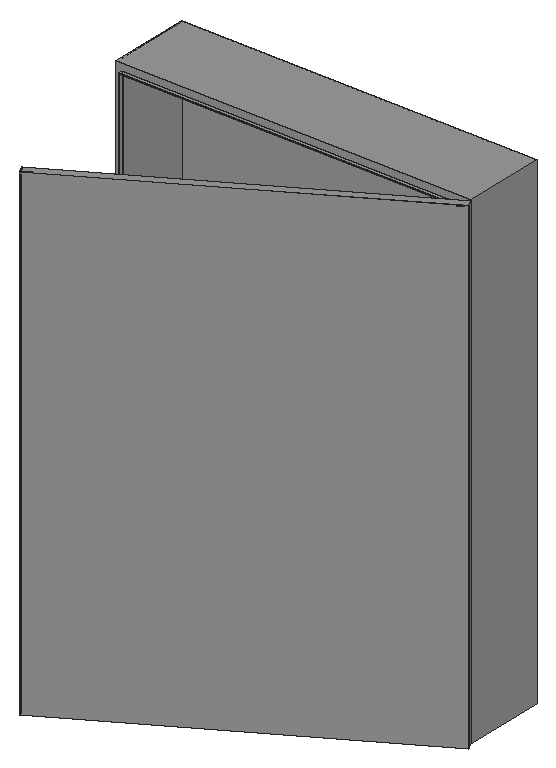
Revit family "Hager-Univers-IP44-D205-H1100-Cl.II-Encl-NoHosted-CH-fr", category Electrical Equipment, Revit 2020
Family settings
  Panel Configuration = Two Columns, Circuits Across
  Round Connector Dimension = Use Diameter
  Part Type = Panelboard
  Work Plane-Based = Yes
  Always vertical = Yes
  Cut with Voids When Loaded = No
  Shared = No
  Room Calculation Point = No
Parameters (values of type "saillie IP44 L800 H1100 P205  - FP73QS")
  Width Control [instance] = if([EF000008 - largeur] > Min Width, [EF000008 - largeur], Min Width)  # 800 mm
  Type Comments = [HG000003 - Gamme]  # "Univers"
  Thickness Door [instance] = if([EF009171 - épaisseur de matériau de la porte/du couvercle] > 3 mm, 3 mm, [EF009171 - épaisseur de matériau de la porte/du couvercle])  # 1 mm
  Seal Frame Offset [instance] = 17 mm  # constant formula
  Plinth Visibility [instance] = [HG000027 - Hauteur du socle] > 0 mm  # no
  Min Width [instance] = 100 mm  # constant formula
  Min Depth [instance] = (2 * [EF009170 - épaisseur de matériau du boîtier]) + 1 mm  # 3 mm
  Min Height [instance] = 100 mm  # constant formula
  Internal Frame Depth [instance] = (Door System Depth * 0.5)  # 9 mm
  Panel Name [instance] = ""  # (empty or 0)
  Model = ""
  HG000027 - Hauteur du socle = 0 mm
  HG000026 - Installation au sol = no
  HG000024 - Hauteur de la section basse = 600 mm
  HG000023 - Armoire double section = no
  HG000016 - Visibilité de la porte 3D [instance] = yes
  HG000015 - Visibilité de l'emprise de la porte [instance] = no
  HG000014 - Porte à droite [instance] = yes
  HG000013 - Porte à gauche [instance] = not([HG000014 - Porte à droite])  # no
  HG000012 - Angle de pivotement de la porte [instance] = 30.00°
  HG000010 - Portes asymétriques = no
  HG000009 - Porte à double battant = no
  HG000006 - Encastré = no
  HG000004 - Référence fabricant = "FP73QS"
  HG000003 - Gamme = "Univers"
  HG000002 - avec porte = yes
  Frame Offset Bottom [instance] = 10 mm  # constant formula
  Frame Offset [instance] = 15 mm  # constant formula
  EF015940 - couvercle avec décharge de pression = no
  EF011959 - degré de protection (NEMA) = ""
  EF009554 - nombre d'ouvertures pour plaques à bride = 6
  EF009212 - finition du couvercle = "EV000116 - fermé"
  EF009171 - épaisseur de matériau de la porte/du couvercle = 1 mm
  EF009170 - épaisseur de matériau du boîtier = 1 mm
  EF008873 - courant nominal (In) = 250 A
  EF007800 - adapté à un parafoudre = no
  EF006306 - avec serrure = no
  EF006244 - couvercle/porte transparent(e) = no
  EF005474 - indice de protection (IP) = "EV006418 - IP44"
  EF004464 - type de porte = "EV002646 - unique"
  EF004427 - nombre de modules = 252
  EF004293 - indice de protection contre les chocs (IK) = "EV006815 - IK09"
  EF003532 - convient pour utilisation à l’extérieur = no
  EF002950 - largeur en nombre de modules = 36
  EF001613 - maintien de fonction = "EV000494 - sans"
  EF001596 - matériau du boîtier/corps = "EV000179 - acier"
  EF001131 - profondeur intérieure = 143 mm
  EF001088 - possibilité de montage en saillie = yes
  EF000437 - nombre d'entrées de conduit = 6
  EF000339 - type de capot = "EV001012 - couvercle"
  EF000266 - nombre de rangées = 7
  EF000218 - profondeur d'encastrement = 0 mm
  EF000118 - avec cadre/support de montage = no
  EF000116 - numéro RAL = "9010"
  EF000049 - profondeur = 205 mm
  EF000040 - hauteur = 1100 mm
  EF000008 - largeur = 800 mm
  EF000007 - couleur = "EV000202 - blanc"
  EF000003 - mode de pose = "EV000384 - saillie"
  Door System Leaf Tolerance [instance] = 1.5 mm  # constant formula
  Door System Depth [instance] = 18 mm  # constant formula
  Door Height [instance] = Height Control - [HG000027 - Hauteur du socle]  # 1100 mm
  Description = ""
  Default Elevation = 1219.2 mm
  Connector Offset [instance] = Height Control / 2  # 550 mm
  Manufacturer = "Hager"  # constant formula
  Height Control [instance] = if([EF000040 - hauteur] > Min Height, [EF000040 - hauteur], Min Height)  # 1100 mm
  Depth Control [instance] = if([EF000049 - profondeur] > Min Depth, [EF000049 - profondeur], Min Depth)  # 205 mm
  Bottom Top Plate Trim [instance] = 1.5 mm  # constant formula
  Plinth height Ctrl [instance] = if([HG000027 - Hauteur du socle] > 0 mm, [HG000027 - Hauteur du socle], 12 mm)  # 12 mm
Types (5, lengths in mm): name | Width Control | HG000009 - Porte à double battant | HG000004 - Référence fabricant | EF009554 - nombre d'ouvertures pour plaques à bride | EF004464 - type de porte | EF004427 - nombre de modules | EF002950 - largeur en nombre de modules | EF000437 - nombre d'entrées de conduit | EF000008 - largeur
  saillie IP44 L1050 H1100 P205  - FP74QS | 1050 | yes | "FP74QS" | 8 | "EV003602 - double" | 336 | 48 | 8 | 1050
  saillie IP44 L1300 H1100 P205  - FP75QS | 1300 | yes | "FP75QS" | 10 | "EV003602 - double" | 420 | 60 | 10 | 1300
  saillie IP44 L300 H1100 P205  - FP71QS | 300 | no | "FP71QS" | 2 | "EV002646 - unique" | 84 | 12 | 2 | 300
  saillie IP44 L550 H1100 P205  - FP72QS | 550 | no | "FP72QS" | 4 | "EV002646 - unique" | 168 | 24 | 4 | 550
  saillie IP44 L800 H1100 P205  - FP73QS | 800 | no | "FP73QS" | 6 | "EV002646 - unique" | 252 | 36 | 6 | 800
Reference planes
  plane 1 "Center (Front/Back)": y = 0
  plane 2: z = 0
  plane 3 "Center (Left/Right)": x = 0
  plane 4: y = 0
  plane 5: y = 0
  plane 6: z = 0
  plane 7: x = -400
  plane 8: x = 400
  plane 9: x = 399
  plane 10: x = -399
  plane 11: z = 0
  plane 12: z = 1
  plane 13: y = -205
  plane 14: y = -1
  plane 15: x = 0
  plane 16: y = -187
  plane 17: y = -204
  plane 18: y = -186
  plane 19: x = -384
  plane 20: x = 384
  plane 21: z = 11
  plane 22: x = -383
  plane 23: x = 383
  plane 24: z = 0
  plane 25: z = 1100
  plane 26: z = 1100
  plane 27: z = 1084
  plane 28: z = 1099
Forms (mm)
  Extrusion 1, solid, material "Hager_Steel_RAL7035_Light_Grey", detail levels medium+fine
    sketch origin (-208.679, -4572, 0) x (-1, 0, 0) y (0, -1, 0)
      loop
        line (191.321, -4385) -> (-608.679, -4385) -> (-608.679, -4572) -> (191.321, -4572) -> (191.321, -4385)
    from 0 to 1100
  Extrusion 2, void
    sketch origin (-350.771, -205, 1219.2) x (1, 0, 0) y (0, 0, 1)
      loop
        line (-48.229, -120.2) -> (-48.229, -1218.2) -> (749.771, -1218.2) -> (749.771, -120.2) -> (-48.229, -120.2)
    from -19 to -204
  Extrusion 3, void
    sketch origin (-290.084, -187, 1219.2) x (1, 0, 0) y (0, 0, 1)
      loop
        line (-93.916, -1208.2) -> (674.084, -1208.2) -> (674.084, -135.2) -> (-93.916, -135.2) -> (-93.916, -1208.2)
    from 0 to -1
  Extrusion 4, solid, material "Hager_Steel_RAL7035_Light_Grey", visible <- "Plinth Visibility", detail levels medium+fine
    sketch origin (0, 0, 0) x (1, 0, 0) y (0, 1, 0)
      loop
        line (-400, 0) -> (-400, -187) -> (400, -187) -> (400, 0) -> (-400, 0)
    from 0 to 12 <- "Plinth height Ctrl"
  Extrusion 5, solid, material "Hager_Steel_RAL7035_Light_Grey", detail levels coarse
    sketch origin (0, 0, 0) x (1, 0, 0) y (0, 1, 0)
      loop
        line (-400, 0) -> (-400, -205) -> (400, -205) -> (400, 0) -> (-400, 0)
    from 0 to 1100 <- "Height Control"
  Sweep 6, void
    path in 3D
      loop
        line (-400, -187, 12) -> (400, -187, 12) -> (400, 0, 12) -> (-400, 0, 12) -> (-400, -187, 12)
    profile origin (-400, -93.5, 12) x (1, 0, 0) y (0, 0, 1)
      loop
        line (0, 0) -> (0, -1.5) -> (1.5, -1.5)
        arc (1.5, -1.5) -> (1.061, -0.439) -> (0, 0) r 1.5
  Extrusion 7, solid, material "Hager_Steel_RAL7035_Light_Grey", detail levels fine
    sketch origin (-400, -187, 0) x (1, 0, 0) y (0, 0, 1)
      loop
        line (16, 11) -> (784, 11) -> (784, 1084) -> (16, 1084) -> (16, 11)
      loop
        line (15, 10) -> (785, 10) -> (785, 1085) -> (15, 1085) -> (15, 10)
    from 0 to 9 <- "Internal Frame Depth"
Cuts and joins
  Extrusion 2, Extrusion 3 cuts Extrusion 1
  Sweep 6 cuts Extrusion 4
Lines and regions (mm)
  Masking region 1
    outline origin (0, 0, 0) x (1, 0, 0) y (0, 1, 0)
      loop
        line (-400, 0) -> (-400, -205) -> (400, -205) -> (400, 0) -> (-400, 0)
  Masking region 2, detail levels coarse
    outline origin (-290.084, -187, 1219.2) x (-1, 0, 0) y (0, 0, 1)
      loop
        line (-690.084, -1219.2) -> (109.916, -1219.2) -> (109.916, -119.2) -> (-690.084, -119.2) -> (-690.084, -1219.2)
  Masking region 3, detail levels coarse
    outline origin (0, 0, 0) x (0, 1, 0) y (0, 0, 1)
      loop
        line (0, 0) -> (0, 1100) -> (-205, 1100) -> (-205, 0) -> (0, 0)
  Masking region 4, visible <- "Plinth Visibility", detail levels medium+fine
    outline origin (0, 0, 0) x (0, 1, 0) y (0, 0, 1)
      loop
        line (-1.5, 12) -> (-185.5, 12)
        arc (-185.5, 12) -> (-185.939, 10.939) -> (-187, 10.5) r 1.5
        line (-187, 10.5) -> (-187, 0) -> (0, 0) -> (0, 10.5)
        arc (0, 10.5) -> (-1.061, 10.939) -> (-1.5, 12) r 1.5
  Masking region 5, detail levels medium+fine
    outline origin (0, 0, 594.038) x (0, 1, 0) y (0, 0, 1)
      loop
        line (0, -594.038) -> (0, 505.962) -> (-187, 505.962) -> (-187, -594.038) -> (0, -594.038)
  Masking region 6, detail levels medium+fine
    outline origin (-359.7, -187, 1211.883) x (-1, 0, 0) y (0, 0, 1)
      loop
        line (-759.7, -1211.883) -> (40.3, -1211.883) -> (40.3, -111.883) -> (-759.7, -111.883) -> (-759.7, -1211.883)
  Masking region 7, visible <- "Plinth Visibility", detail levels medium+fine
    outline origin (-320.334, -187, 1041.368) x (-1, 0, 0) y (0, 0, 1)
      loop
        line (-720.334, -1041.368) -> (79.666, -1041.368) -> (79.666, -1030.868)
        arc (79.666, -1030.868) -> (78.606, -1030.429) -> (78.166, -1029.368) r 1.5
        line (78.166, -1029.368) -> (-718.834, -1029.368)
        arc (-718.834, -1029.368) -> (-719.273, -1030.429) -> (-720.334, -1030.868) r 1.5
        line (-720.334, -1030.868) -> (-720.334, -1041.368)
  sketch lines
    curve 1: line (-400, 0, 12) -> (-400, -187, 12)
    curve 2: line (-400, -187, 12) -> (400, -187, 12)
    curve 3: line (400, 0, 12) -> (-400, 0, 12)
    curve 4: line (400, -187, 12) -> (400, 0, 12)
Dimensions and locks
  locked: plane 1 "Center (Front/Back)" to plane 5
  "EF009170 - épaisseur de matériau du boîtier": plane 7 to plane 10
  "EF009170 - épaisseur de matériau du boîtier": plane 8 to plane 9
  equal spacing: plane 7, plane 3 "Center (Left/Right)", plane 8
  "Width Control": plane 7 to plane 8
  "Depth Control": plane 4 to plane 13
  "EF009170 - épaisseur de matériau du boîtier": plane 4 to plane 14
  "Height Control": plane 25 to level
  "HG000027 - Hauteur du socle": plane 11 to level
  "EF009170 - épaisseur de matériau du boîtier": plane 12 to plane 11
  "EF009170 - épaisseur de matériau du boîtier": plane 17 to plane 13
  "EF009170 - épaisseur de matériau du boîtier": plane 18 to plane 16
  "Frame Offset Bottom": plane 21 to plane 12
  "Frame Offset": plane 10 to plane 19
  "Frame Offset": plane 9 to plane 20
  "Door System Depth": plane 16 to plane 13
  "Seal Frame Offset": plane 7 to plane 22
  "Seal Frame Offset": plane 8 to plane 23
  "EF009170 - épaisseur de matériau du boîtier": plane 26 to plane 28
  "Frame Offset": plane 28 to plane 27
  "Connector Offset": plane 2 to connector elem
  "Bottom Top Plate Trim": profile plane to Sweep 6 sketch curve
  "Bottom Top Plate Trim": Sweep 6 sketch curve to Sweep 6 sketch curve
  "Plinth height Ctrl": Masking region 4 sketch curve to level
  "Plinth height Ctrl": Masking region 7 sketch curve to level
  "Thickness Door": Extrusion 7 sketch curve to Extrusion 7 sketch curve  (x4)
  "Bottom Top Plate Trim": radius of Sweep 6 sketch curve
  "Bottom Top Plate Trim": radius of Masking region 4 sketch curve  (x2)
  "Bottom Top Plate Trim": radius of Masking region 7 sketch curve  (x2)
  aligned and locked: Extrusion 2 sketch curve to plane 12
  aligned and locked: Extrusion 2 sketch curve to plane 9
  aligned and locked: Extrusion 2 sketch curve to plane 10
  aligned and locked: Extrusion 2 to plane 14
  aligned and locked: Extrusion 1 sketch curve to plane 4
  aligned and locked: plane 8 to Extrusion 1 sketch curve
  aligned and locked: plane 7 to Extrusion 1 sketch curve
  aligned and locked: Extrusion 2 to plane 18
  aligned and locked: Extrusion 3 sketch curve to plane 19
  aligned and locked: plane 20 to Extrusion 3 sketch curve
  aligned and locked: Extrusion 3 to Extrusion 2
  aligned and locked: Extrusion 3 sketch curve to plane 21
  aligned and locked: plane 3 "Center (Left/Right)" to nested 1
  aligned and locked: Extrusion 1 sketch curve to plane 16
  aligned and locked: Extrusion 4 sketch curve to cut or joined group of Extrusion 1, Extrusion 2, Extrusion 3
  aligned and locked: Masking region 1 sketch curve to plane 7
  aligned and locked: Masking region 1 sketch curve to plane 5
  aligned and locked: Masking region 1 sketch curve to plane 8
  aligned and locked: Masking region 2 sketch curve to level
  aligned and locked: level to Masking region 3 sketch curve
  aligned and locked: plane 1 "Center (Front/Back)" to Masking region 3 sketch curve
  aligned and locked: plane 13 to Masking region 3 sketch curve
  aligned and locked: plane 5 to Masking region 4 sketch curve
  aligned and locked: Masking region 2 sketch curve to plane 8
  aligned and locked: Masking region 2 sketch curve to plane 7
  aligned and locked: plane 7 to nested 2
  aligned and locked: nested 2 to plane 5
  aligned and locked: plane 5 to Masking region 5 sketch curve
  aligned and locked: plane 26 to Masking region 5 sketch curve
  aligned and locked: Extrusion 5 sketch curve to plane 8
  aligned and locked: Extrusion 5 sketch curve to plane 7
  aligned and locked: Extrusion 5 sketch curve to plane 5
  aligned and locked: Extrusion 3 sketch curve to plane 27
  aligned and locked: Extrusion 2 sketch curve to plane 28
  aligned and locked: Masking region 2 to plane 25
  aligned and locked: Extrusion 4 to plane 16
  aligned and locked: profile plane to Sweep 6 sketch curve
  aligned and locked: Masking region 5 sketch curve to plane 24
  aligned and locked: level to Masking region 4 sketch curve
  aligned and locked: Masking region 1 to plane 13
  aligned and locked: nested 1 to plane 16
  aligned and locked: Masking region 3 to plane 25
  aligned and locked: plane 16 to Masking region 4 sketch curve
  aligned and locked: Masking region 5 sketch curve to plane 16
  aligned and locked: plane 24 to plane 11
  aligned and locked: plane 26 to plane 25
  aligned and locked: plane 26 to cut or joined group of Extrusion 1, Extrusion 2, Extrusion 3
  aligned and locked: nested 1 to plane 24
  aligned and locked: Extrusion 1 to Extrusion 3
  aligned and locked: Masking region 6 sketch curve to plane 8
  aligned and locked: Masking region 6 sketch curve to plane 24
  aligned and locked: Masking region 6 sketch curve to plane 7
  aligned and locked: Masking region 6 sketch curve to plane 26
  aligned and locked: Masking region 7 sketch curve to plane 7
  aligned and locked: level to Masking region 7 sketch curve
  aligned and locked: Masking region 7 sketch curve to plane 8
  aligned and locked: Extrusion 7 sketch curve to cut or joined group of Extrusion 1, Extrusion 2, Extrusion 3  (x4)
Automatic sketch dimensions
  plane 19 to Extrusion 3 sketch curve = 0 mm
  Extrusion 3 sketch curve to plane 20 = 0 mm
  Extrusion 3 sketch curve to plane 21 = 0 mm
  Extrusion 4 sketch curve to plane 7 = 0 mm
  Extrusion 4 sketch curve to plane 8 = 0 mm
  Extrusion 4 sketch curve to plane 16 = 0 mm
  Masking region 1 sketch curve to plane 13 = 0 mm
  Masking region 2 sketch curve to plane 25 = 0 mm
  Masking region 3 sketch curve to plane 25 = 0 mm
  Extrusion 5 sketch curve to plane 13 = 0 mm
  profile plane to Sweep 6 sketch curve = 0 mm
Nested families
  nested 1: "EC000058_Univers_Door" at (0, -187, 0), Double <- "HG000009 - Porte à double battant", Transparent <- "EF006244 - couvercle/porte transparent(e)", Angle <- "HG000012 - Angle de pivotement de la porte", Door_Right <- "HG000014 - Porte à droite", Assymetrical <- "HG000010 - Portes asymétriques", Door <- "HG000002 - avec porte", Width_Ctrl <- "Width Control", 3d_Door <- "HG000016 - Visibilité de la porte 3D", Clearance <- "HG000015 - Visibilité de l'emprise de la porte", Door_Left <- "HG000013 - Porte à gauche", Width <- "Width Control", Door_Depth <- "Door System Depth", Leaf_Tolerance <- "Door System Leaf Tolerance", Height <- "Door Height", Lock_Visibility <- "EF006306 - avec serrure", Thickness <- "Thickness Door", type "EC000058_Univers_Door", detail levels medium+fine
    with min_wh 3 mm, Width_Ctrl 800 mm, Width 800 mm, Transparent no, Thickness 1 mm, Seal_Material Hager_Rubber, Lock_Visibility no, Lock_Material Hager_Plastic_RAL9005_Jet_Black, Leaf_Width 800 mm, Leaf_Tolerance_External_Sides 0 mm, Leaf_Tolerance 1.5 mm, Leaf_Offset 0 mm, Leaf_Height 1097 mm, Leaf_2_Width 800 mm, Leaf_2_Offset 400 mm, Leaf_1_Width 800 mm, Leaf_1_Offset 400 mm, Height_Ctrl 1100 mm, Height 1100 mm, Glass_Material Hager_Glass, Double_Clearance_Ctrl no, Double no, Door_Right_Ctrl yes, Door_Right yes, Door_Material Hager_Steel_RAL7035_Light_Grey, Door_Left_Ctrl no, Door_Left no, Door_Depth 18 mm, Door yes, Clearance_Material Hager_Clearance, Clearance_Depth 800 mm, Clearance_Ctrl no, Clearance no, Assymetrical no, Angle 30.00°, 3d_Door yes
  nested 2: "Hager_Enclosure_Symbol" at (-400, 0, 0), Height <- "Depth Control", Width <- "Width Control", type "Hager_Enclosure_Symbol"
    with Width_Ctrl 800 mm, Width 800 mm, Height_Ctrl 205 mm, Height 205 mm, A_Width_Int 13.453 mm, A_Width 161.438 mm, A_Height_Ctrl 179.375 mm, A_Height 179.375 mm
Connectors
  electrical at (0, 0, 550)
    settings: on plane 1 "Center (Front/Back)", index 1, voltage 0 V, apparent load 0 VA, apparent load phase1 0 VA, apparent load phase2 0 VA, apparent load phase3 0 VA, power factor 1, load classification "Other", number of poles 1, system type 30, power factor state 1, is connector primary yes, connector utility no, sub classification motor no, connector description ""
Definition of nested family "EC000058_Univers_Door"
  Parameters (values of type "EC000058_Univers_Door")
    min_wh [instance] = (2 * Thickness) + 1 mm  # 11 mm
    Width_Ctrl [instance] = 400 mm
    Width [instance] = 500 mm
    Transparent [instance] = yes
    Thickness [instance] = 5 mm
    Seal_Material [instance] = none
    Lock_Visibility [instance] = yes
    Lock_Material [instance] = none
    Leaf_Width [instance] = if((Width_Ctrl - 2 * Leaf_Tolerance_External_Sides) > 0 mm, (Width_Ctrl - 2 * Leaf_Tolerance_External_Sides), min_wh)  # 400 mm
    Leaf_Tolerance_External_Sides [instance] = 0 mm  # constant formula
    Leaf_Tolerance [instance] = 1.5 mm
    Leaf_Offset [instance] = 0 mm  # constant formula
    Leaf_Height [instance] = if((Height_Ctrl - 2 * Leaf_Tolerance) > 0 mm, (Height_Ctrl - 2 * Leaf_Tolerance), min_wh)  # 497 mm
    Leaf_2_Width [instance] = if(and(and(Double, Assymetrical), Door_Left), (Leaf_Width / 3) - (Leaf_Tolerance / 2), if(and(and(Double, Assymetrical), Door_Right), (Leaf_Width / 3) * 2 - (Leaf_Tolerance / 2), if(and(Double, not(Assymetrical)), (Leaf_Width / 2) - Leaf_Tolerance, Leaf_Width)))  # 400 mm
    Leaf_2_Offset [instance] = if(and(Double, Assymetrical), Leaf_2_Width / 2, if(and(Double, not(Assymetrical)), Leaf_Width / 4, Leaf_Width / 2))  # 200 mm
    Leaf_1_Width [instance] = if(and(and(Double, Assymetrical), Door_Right), (Leaf_Width / 3) - (Leaf_Tolerance / 2), if(and(and(Double, Assymetrical), Door_Left), (Width / 3) * 2 - (Leaf_Tolerance / 2), if(and(Double, not(Assymetrical)), (Leaf_Width / 2) - Leaf_Tolerance, Leaf_Width)))  # 400 mm
    Leaf_1_Offset [instance] = if(and(Double, Assymetrical), Leaf_1_Width / 2, if(and(Double, not(Assymetrical)), Leaf_Width / 4, Leaf_Width / 2))  # 200 mm
    Height_Ctrl [instance] = if(Height > min_wh, Height, min_wh)  # 500 mm
    Height [instance] = 500 mm
    Glass_Material [instance] = none
    Double_Clearance_Ctrl [instance] = and(Double, Clearance)  # no
    Double [instance] = no
    Door_Right_Ctrl [instance] = and(or(Door_Right, Double), Door)  # yes
    Door_Right [instance] = yes
    Door_Material [instance] = none
    Door_Left_Ctrl [instance] = and(or(Door_Left, Double), Door)  # no
    Door_Left [instance] = no
    Door_Depth [instance] = 30 mm
    Door [instance] = yes
    Default Elevation = 1219.2 mm
    Clearance_Material [instance] = none
    Clearance_Depth [instance] = if(Leaf_1_Width > Leaf_2_Width, Leaf_1_Width, Leaf_2_Width)  # 400 mm
    Clearance_Ctrl [instance] = and(not(Double), Clearance)  # yes
    Clearance [instance] = yes
    Assymetrical [instance] = yes
    Angle [instance] = 30.00°
    3d_Door [instance] = yes
  Reference planes
    plane 1 "Center (Front/Back)": y = 0
    plane 2 "Bottom": z = 0
    plane 3 "Center (Left/Right)": x = 0
    plane 4: z = 500
    plane 5: x = -200
    plane 6: x = 200
    plane 7: z = 500
    plane 8: x = -200
    plane 9: z = 0
    plane 10: x = 200
    plane 11: y = 0
    plane 12: z = 1.5
    plane 13: x = -600
    plane 14: y = -400
    plane 15: x = 600
    plane 16: x = 0
    plane 17: x = 0
    plane 18: x = -200
    plane 19: x = 200
    plane 20: z = 498.5
  Forms (mm)
    Extrusion 1, solid, material <- "Clearance_Material", visible <- "Double_Clearance_Ctrl"
      sketch origin (1200, 0, 0) x (1, 0, 0) y (0, 0, -1)
        loop
          line (-1800, -498.5) -> (-600, -498.5) -> (-600, 0) -> (-1800, 0) -> (-1800, -498.5)
      from 0 to -400
  Dimensions and locks
    equal spacing: plane 5, plane 3 "Center (Left/Right)", plane 6
    "Width_Ctrl": plane 5 to plane 6
    "Leaf_Offset": plane 5 to plane 8
    "Leaf_Offset": plane 6 to plane 10
    "Leaf_Offset": plane 9 to level
    "Leaf_Offset": plane 4 to plane 7
    "Height_Ctrl": plane 4 to level
    "Leaf_Tolerance": plane 12 to plane 9
    locked: plane 11 to plane 1 "Center (Front/Back)"
    "Leaf_1_Offset": plane 18 to plane 16
    "Leaf_2_Offset": plane 17 to plane 19
    "Leaf_1_Width": plane 13 to plane 8
    "Leaf_2_Width": plane 10 to plane 15
    "Clearance_Depth": plane 14 to plane 1 "Center (Front/Back)"
    "Leaf_Tolerance_External_Sides": plane 8 to plane 18
    "Leaf_Tolerance_External_Sides": plane 19 to plane 10
    "Leaf_Tolerance": plane 7 to plane 20
    aligned and locked: level to plane 2 "Bottom"
    aligned and locked: nested 1 to plane 16
    aligned and locked: nested 2 to plane 17
    aligned and locked: Extrusion 1 to plane 13
    aligned and locked: plane 15 to Extrusion 1
    aligned and locked: Extrusion 1 to plane 14
    aligned and locked: plane 12 to nested 1
    aligned and locked: nested 2 to plane 12
    aligned and locked: Extrusion 1 to plane 11
    aligned and locked: plane 20 to Extrusion 1
    aligned and locked: nested 2 to plane 11
    aligned and locked: nested 1 to plane 11
  Automatic sketch dimensions
    Extrusion 1 sketch curve to level = 0 mm
    plane 5 to Extrusion 1 sketch curve = 400 mm
    plane 6 to Extrusion 1 sketch curve = 400 mm
    Extrusion 1 sketch curve to plane 4 = 1.5 mm
  Nested families
    nested 1: "EC000058_Univers_Door_Leaf" at (0, 0, 1.5), Width <- "Leaf_1_Width", visible <- "Door_Left_Ctrl", Leaf_Height <- "Leaf_Height", Angle <- "Angle", 3d_Door <- "3d_Door", Transparent <- "Transparent", Clearance Material <- "Clearance_Material", Clearance <- "Clearance_Ctrl", Door_Material <- "Door_Material", Glass_Material <- "Glass_Material", Door_Depth <- "Door_Depth", Lock_Material <- "Lock_Material", Seal_Material <- "Seal_Material", Lock_Visibility <- "Lock_Visibility", Thickness <- "Thickness", type "EC000058_Univers_Door_Leaf"
      with Width 400 mm, Transparent_Glass_Offset 30 mm, Transparent_Ctrl yes, Transparent yes, Thickness 5 mm, Standard no, Seal_Material none, Seal_D2 8 mm, Seal_D1 1 mm, Offset_Internal_Frame 10 mm, Lock_Width 20 mm, Lock_Visibility_3d yes, Lock_Visibility yes, Lock_Thickness_3 3 mm, Lock_Thickness_2 1 mm, Lock_Thickness_1 3 mm, Lock_Radius_Offset_2 16 mm, Lock_Radius_Offset_1 15 mm, Lock_Radius_2 5 mm, Lock_Radius 6 mm, Lock_Offset 5 mm, Lock_Material none, Lock_Height 80 mm, Lock_Cover_Top_Offset_2d 17 mm, Lock_Cover_Height -65 mm, Leaf_Height 497 mm, Internal_Seal_Thickness 8 mm, Internal_Seal_Depth_2 4.5 mm, Internal_Frame_Depth 25 mm, Glass_Thickness -1 mm, Glass_Offset -2 mm, Glass_Material none, Door_Material none, Door_Depth 30 mm, Clearance Material none, Clearance yes, Angle_Ctrl 30.00°, Angle 30.00°, 3d_Door yes
    nested 2: "EC000058_Univers_Door_Leaf" at (0, 0, 1.5) x (-1, 0, 0) z (0, 0, 1), Width <- "Leaf_2_Width", visible <- "Door_Right_Ctrl", Leaf_Height <- "Leaf_Height", Angle <- "Angle", 3d_Door <- "3d_Door", Transparent <- "Transparent", Clearance Material <- "Clearance_Material", Clearance <- "Clearance_Ctrl", Door_Material <- "Door_Material", Glass_Material <- "Glass_Material", Door_Depth <- "Door_Depth", Lock_Material <- "Lock_Material", Seal_Material <- "Seal_Material", Lock_Visibility <- "Lock_Visibility", Thickness <- "Thickness", type "EC000058_Univers_Door_Leaf"
      with Width 400 mm, Transparent_Glass_Offset 30 mm, Transparent_Ctrl yes, Transparent yes, Thickness 5 mm, Standard no, Seal_Material none, Seal_D2 8 mm, Seal_D1 1 mm, Offset_Internal_Frame 10 mm, Lock_Width 20 mm, Lock_Visibility_3d yes, Lock_Visibility yes, Lock_Thickness_3 3 mm, Lock_Thickness_2 1 mm, Lock_Thickness_1 3 mm, Lock_Radius_Offset_2 16 mm, Lock_Radius_Offset_1 15 mm, Lock_Radius_2 5 mm, Lock_Radius 6 mm, Lock_Offset 5 mm, Lock_Material none, Lock_Height 80 mm, Lock_Cover_Top_Offset_2d 17 mm, Lock_Cover_Height -65 mm, Leaf_Height 497 mm, Internal_Seal_Thickness 8 mm, Internal_Seal_Depth_2 4.5 mm, Internal_Frame_Depth 25 mm, Glass_Thickness -1 mm, Glass_Offset -2 mm, Glass_Material none, Door_Material none, Door_Depth 30 mm, Clearance Material none, Clearance yes, Angle_Ctrl 30.00°, Angle 30.00°, 3d_Door yes
  Definition of nested family "EC000058_Univers_Door_Leaf"
    Parameters (values of type "EC000058_Univers_Door_Leaf")
      Width [instance] = 2000 mm
      Transparent_Glass_Offset [instance] = 30 mm
      Transparent_Ctrl [instance] = and(Transparent, [3d_Door])  # yes
      Transparent [instance] = yes
      Thickness [instance] = 5 mm
      Standard [instance] = and(not(Transparent), [3d_Door])  # no
      Seal_Material [instance] = none
      Seal_D2 [instance] = 8 mm  # constant formula
      Seal_D1 [instance] = 1 mm  # constant formula
      Offset_Internal_Frame [instance] = 10 mm  # constant formula
      Lock_Width [instance] = 20 mm  # constant formula
      Lock_Visibility_3d [instance] = and(Lock_Visibility, [3d_Door])  # yes
      Lock_Visibility [instance] = yes
      Lock_Thickness_3 [instance] = 3 mm  # constant formula
      Lock_Thickness_2 [instance] = 1 mm  # constant formula
      Lock_Thickness_1 [instance] = 3 mm  # constant formula
      Lock_Radius_Offset_2 [instance] = Lock_Radius_Offset_1 + 1 mm  # 16 mm
      Lock_Radius_Offset_1 [instance] = 15 mm  # constant formula
      Lock_Radius_2 [instance] = Lock_Radius - 1 mm  # 5 mm
      Lock_Radius [instance] = 6 mm  # constant formula
      Lock_Offset [instance] = 5 mm  # constant formula
      Lock_Material [instance] = none
      Lock_Height [instance] = 80 mm  # constant formula
      Lock_Cover_Top_Offset_2d [instance] = Lock_Radius_Offset_2 + 1 mm  # 17 mm
      Lock_Cover_Height [instance] = -(Lock_Height - Lock_Radius_Offset_1)  # -65 mm
      Leaf_Height [instance] = 2720.336 mm
      Internal_Seal_Thickness [instance] = 8 mm  # constant formula
      Internal_Seal_Depth_2 [instance] = 4.5 mm  # constant formula
      Internal_Frame_Depth [instance] = if(Door_Depth - Thickness > 5 mm, Door_Depth - Thickness, 5 mm)  # 25 mm
      Glass_Thickness [instance] = if(Thickness > 15 mm, Glass_Offset + 10 mm, -1 mm)  # -1 mm
      Glass_Offset [instance] = if(Thickness > 15 mm, -(Thickness + 10 mm) / 2, -2 mm)  # -2 mm
      Glass_Material [instance] = none
      Door_Material [instance] = none
      Door_Depth [instance] = 30 mm
      Default Elevation = 0 mm
      Clearance Material [instance] = none
      Clearance [instance] = yes
      Angle_Ctrl [instance] = if(Angle > 180.00°, 180.00°, Angle)  # 90.00°
      Angle [instance] = 90.00°
      3d_Door [instance] = yes
    Reference planes
      plane 1 "Center (Front/Back)": y = 0
      plane 2: z = 0
      plane 3 "Center (Left/Right)": x = 0
      plane 4: y = 2000
      plane 5: x = -1000
      plane 6: x = 1000
      plane 7: x = -3000
      plane 8: z = 2720.336
      plane 9: z = 30
      plane 10: z = 2690.336
      plane 11: x = 970
      plane 12: x = -970
      plane 13: y = -3
      plane 14: z = 107.833
      plane 15: y = -5
      plane 16: y = -223.314
      plane 17: x = -1000
      plane 18: z = 1360.168
      plane 19: y = 30
    Forms (mm)
      Extrusion 1, solid, material <- "Clearance Material", visible <- "Clearance"
        sketch origin (0, 0, 0) x (1, 0, 0) y (0, 0, 1)
          loop
            line (-3000, 2720.336) -> (-3000, 0) -> (1000, 0) -> (1000, 2720.336) -> (-3000, 2720.336)
        from 0 to -2000
      Extrusion 2, solid, material <- "Door_Material", visible <- "Standard", detail levels medium+fine
        sketch origin (-1000, 0, 0) x (0, 1, 0) y (-1, 0, 0)
          loop
            line (0, 30) -> (0, 25) -> (2000, 25) -> (2000, 30) -> (0, 30)
        from 0 to 2720.336 <- "Leaf_Height"
      Extrusion 3, solid, material <- "Door_Material", visible <- "Transparent_Ctrl", detail levels medium+fine
        sketch origin (-1000, 0, 0) x (0, 1, 0) y (-1, 0, 0)
          loop
            line (0, 25) -> (2000, 25) -> (2000, 30) -> (0, 30) -> (0, 25)
        from 0 to 2720.336 <- "Leaf_Height"
      Extrusion 4, void
        sketch origin (-1025, 2000, 0) x (0, 1, 0) y (0, 0, -1)
          loop
            line (-30, -2690.336) -> (-30, -30) -> (-1970, -30) -> (-1970, -2690.336) -> (-30, -2690.336)
        from 0 to 5 <- "Thickness"
      Sweep 5, solid, material <- "Seal_Material", visible <- "Transparent_Ctrl", detail levels fine
        path in 3D
          loop
            line (-1025, 30, 30) -> (-1025, 30, 2690.336) -> (-1025, 1970, 2690.336) -> (-1025, 1970, 30) -> (-1025, 30, 30)
        profile origin (-1025, 1000, 30) x (1, 0, 0) y (0, 0, 1)
          loop
            line (0, 0) -> (0, -8) -> (1, -8) -> (1, 0) -> (0, 0)
      Extrusion 6, solid, material <- "Glass_Material", visible <- "Transparent_Ctrl", detail levels medium+fine
        sketch origin (-1030, 0, 0) x (0, 1, 0) y (0, 0, -1)
          loop
            line (1970, -2690.336) -> (1970, -30) -> (30, -30) -> (30, -2690.336) -> (1970, -2690.336)
        from -2 <- "Glass_Offset" to -1 <- "Glass_Thickness"
      Extrusion 7, solid, material <- "Door_Material", visible <- "3d_Door", detail levels medium+fine
        sketch origin (-1025, 2000, 0) x (0, -1, 0) y (0, 0, -1)
          loop
            line (0, -2720.336) -> (2000, -2720.336) -> (2000, 0) -> (0, 0) -> (0, -2720.336)
          loop
            line (1995, -5) -> (5, -5) -> (5, -2715.336) -> (1995, -2715.336) -> (1995, -5)
        from 0 to 25 <- "Internal_Frame_Depth"
      Sweep 8, solid, material <- "Seal_Material", visible <- "Transparent_Ctrl", detail levels fine
        path in 3D
          loop
            line (-1025, 0, 0) -> (-1025, 2000, 0) -> (-1025, 2000, 2720.336) -> (-1025, 0, 2720.336) -> (-1025, 0, 0)
        profile origin (-1025, 0, 1360.168) x (1, 0, 0) y (0, 1, 0)
          loop
            line (0, 10) -> (2.975, 10)
            arc (2.975, 10) -> (4.053, 10.447) -> (4.5, 11.525) r 1.525
            line (4.5, 11.525) -> (4.5, 16.527)
            arc (4.5, 16.527) -> (4.069, 17.569) -> (3.027, 18) r 1.473
            line (3.027, 18) -> (0, 18) -> (0, 10)
      Extrusion 9, solid, material <- "Lock_Material", visible <- "Lock_Visibility_3d", detail levels fine
        sketch origin (-1030, 0, 0) x (0, 1, 0) y (0, 0, -1)
          loop
            arc (1993.5, -1400.168) -> (1994.561, -1399.729) -> (1995, -1398.668) r 1.5
            line (1995, -1398.668) -> (1995, -1320.168) -> (1975, -1320.168) -> (1975, -1398.668)
            arc (1975, -1398.668) -> (1975.439, -1399.729) -> (1976.5, -1400.168) r 1.5
            line (1976.5, -1400.168) -> (1993.5, -1400.168)
        from 3 <- "Lock_Thickness_1" to 0
      Blend 10, solid, material <- "Lock_Material", visible <- "Lock_Visibility_3d", detail levels fine
        base sketch origin (-1033, 0, 0) x (0, 1, 0) y (0, 0, -1)
          loop
            line (1975, -1320.168) -> (1975, -1398.668)
            arc (1975, -1398.668) -> (1975.439, -1399.729) -> (1976.5, -1400.168) r 1.5
            line (1976.5, -1400.168) -> (1993.5, -1400.168)
            arc (1993.5, -1400.168) -> (1994.561, -1399.729) -> (1995, -1398.668) r 1.5
            line (1995, -1398.668) -> (1995, -1320.168) -> (1975, -1320.168)
        top sketch origin (-1033, 0, 0) x (0, 1, 0) y (0, 0, -1)
          loop
            line (1976, -1320.168) -> (1976, -1398.668)
            arc (1976, -1398.668) -> (1976.146, -1399.022) -> (1976.5, -1399.168) r 0.5
            line (1976.5, -1399.168) -> (1993.5, -1399.168)
            arc (1993.5, -1399.168) -> (1993.854, -1399.022) -> (1994, -1398.668) r 0.5
            line (1994, -1398.668) -> (1994, -1320.168) -> (1976, -1320.168)
        from 0 to 1 <- "Lock_Thickness_2"
      Blend 11, solid, material <- "Lock_Material", visible <- "Lock_Visibility_3d", detail levels fine
        base sketch origin (-1034, 0, 0) x (0, 1, 0) y (0, 0, -1)
          loop
            line (1978, -1320.168) -> (1978, -1384.168)
            arc (1978, -1384.168) -> (1985, -1391.168) -> (1992, -1384.168) r 7
            line (1992, -1384.168) -> (1992, -1320.168) -> (1978, -1320.168)
        top sketch origin (-1034, 0, 0) x (0, 1, 0) y (0, 0, -1)
          loop
            line (1991, -1320.168) -> (1979, -1320.168) -> (1979, -1383.168)
            arc (1979, -1383.168) -> (1985, -1389.168) -> (1991, -1383.168) r 6
            line (1991, -1383.168) -> (1991, -1320.168)
        from 0 to 3 <- "Lock_Thickness_3"
      Extrusion 12, solid, material <- "Lock_Material", visible <- "Lock_Visibility_3d", detail levels fine
        sketch origin (-1030, 1975, 1320.168) x (1, 0, 0) y (0, -1, 0)
          loop
            line (-7, -19) -> (-7, -1) -> (0, -1) -> (0, 0) -> (-8, 0) -> (-8, -20) -> (0, -20) -> (0, -19) -> (-7, -19)
        from 0 to -65 <- "Lock_Cover_Height"
      Extrusion 13, void
        sketch origin (-1038, 1995, 1320.168) x (-1, 0, 0) y (0, 0, -1)
          loop
            line (-5, -65) -> (0, -65) -> (-5, -60) -> (-5, -65)
        from 0 to 20 <- "Lock_Width"
      Extrusion 14, void
        sketch origin (-1038, 1975, 1320.168) x (0, -1, 0) y (0, 0, -1)
          loop
            circle (-10, -15.995) r 6
          loop
            circle (-10, -15.995) r 5
        from 0 to 2
      Extrusion 15, solid, material <- "Lock_Material", visible <- "Lock_Visibility_3d", detail levels medium
        sketch origin (-1030, 0, 0) x (0, 1, 0) y (0, 0, -1)
          loop
            arc (1993.5, -1400.168) -> (1994.561, -1399.729) -> (1995, -1398.668) r 1.5
            line (1995, -1398.668) -> (1995, -1320.168) -> (1975, -1320.168) -> (1975, -1398.668)
            arc (1975, -1398.668) -> (1975.439, -1399.729) -> (1976.5, -1400.168) r 1.5
            line (1976.5, -1400.168) -> (1993.5, -1400.168)
        from 8 to 0
    Cuts and joins
      Extrusion 4 cuts Extrusion 3
      Extrusion 13, Extrusion 14 cuts Extrusion 9
      Extrusion 14 cuts Blend 11
      Extrusion 13, Extrusion 14 cuts Extrusion 12
      joined: Extrusion 9, Blend 10, Blend 11, Extrusion 12
      Extrusion 14 cuts Extrusion 15
    Lines and regions (mm)
      Masking region 1, visible <- "Lock_Visibility", detail levels fine
        outline origin (0, 0, 0) x (0, 1, 0) y (0, 0, 1)
          loop
            line (30, 1320.168) -> (33, 1320.168) -> (33, 1400.168) -> (30, 1400.168) -> (30, 1320.168)
      Masking region 2, visible <- "Lock_Visibility", detail levels fine
        outline origin (0, 3.143, 0) x (0, 1, 0) y (0, 0, 1)
          loop
            line (29.857, 1354.168) -> (30.857, 1354.168) -> (30.857, 1366.168) -> (29.857, 1366.168) -> (29.857, 1354.168)
      Masking region 3, detail levels medium+fine
        outline origin (0, 0, 0) x (0, 1, 0) y (0, 0, 1)
          loop
            line (0, 0) -> (30, 0) -> (30, 2720.336) -> (0, 2720.336) -> (0, 0)
      Masking region 4, detail levels medium+fine
        outline origin (0, 0, 0) x (1, 0, 0) y (0, 0, 1)
          loop
            line (-1000, 2720.336) -> (-1000, 0) -> (1000, 0) -> (1000, 2720.336) -> (-1000, 2720.336)
      Masking region 5, visible <- "Lock_Visibility", detail levels fine
        outline origin (-47.116, 0, 0) x (1, 0, 0) y (0, 0, 1)
          loop
            arc (1024.616, 1399.168) -> (1023.556, 1398.729) -> (1023.116, 1397.668) r 1.5
            line (1023.116, 1397.668) -> (1023.116, 1320.168) -> (1041.116, 1320.168) -> (1041.116, 1397.668)
            arc (1041.116, 1397.668) -> (1040.677, 1398.729) -> (1039.616, 1399.168) r 1.5
            line (1039.616, 1399.168) -> (1024.616, 1399.168)
      Masking region 6, visible <- "Lock_Visibility", detail levels medium+fine
        outline origin (-25, 0, 0) x (1, 0, 0) y (0, 0, 1)
          loop
            arc (1001.5, 1400.168) -> (1000.439, 1399.729) -> (1000, 1398.668) r 1.5
            line (1000, 1398.668) -> (1000, 1320.168) -> (1020, 1320.168) -> (1020, 1398.668)
            arc (1020, 1398.668) -> (1019.561, 1399.729) -> (1018.5, 1400.168) r 1.5
            line (1018.5, 1400.168) -> (1001.5, 1400.168)
      Masking region 7, visible <- "Lock_Visibility", detail levels fine
        outline origin (-73.735, 0, 0) x (1, 0, 0) y (0, 0, 1)
          loop
            line (1051.735, 1382.168) -> (1065.735, 1382.168) -> (1065.735, 1384.168)
            arc (1065.735, 1384.168) -> (1058.735, 1391.168) -> (1051.735, 1384.168) r 7
            line (1051.735, 1384.168) -> (1051.735, 1382.168)
      Masking region 8, visible <- "Lock_Visibility", detail levels fine
        outline origin (-73.735, 0, 0) x (1, 0, 0) y (0, 0, 1)
          loop
            line (1052.735, 1382.168) -> (1064.735, 1382.168) -> (1064.735, 1383.168)
            arc (1064.735, 1383.168) -> (1058.735, 1389.168) -> (1052.735, 1383.168) r 6
            line (1052.735, 1383.168) -> (1052.735, 1382.168)
      Masking region 9, visible <- "Lock_Visibility", detail levels fine
        outline origin (-25, 0, 0) x (1, 0, 0) y (0, 0, 1)
          loop
            line (1020, 1320.168) -> (1020, 1382.168) -> (1000, 1382.168) -> (1000, 1320.168) -> (1020, 1320.168)
      Masking region 10, detail levels medium+fine
        outline origin (0, 0, 0) x (1, 0, 0) y (0, 0, 1)
          loop
            circle (985, 1335.144) r 6
      Masking region 11, detail levels fine
        outline origin (0, 0, 0) x (1, 0, 0) y (0, 0, 1)
          loop
            circle (985, 1335.144) r 5
      Masking region 12, visible <- "Lock_Visibility", detail levels fine
        outline origin (0, 12.767, 0) x (0, 1, 0) y (0, 0, 1)
          loop
            line (20.233, 1320.168) -> (21.233, 1320.168) -> (21.233, 1399.168) -> (20.233, 1400.168) -> (20.233, 1320.168)
      Masking region 13, visible <- "Lock_Visibility", detail levels fine
        outline origin (0, 13.767, -10) x (0, 1, 0) y (0, 0, 1)
          loop
            line (20.233, 1330.168) -> (23.233, 1330.168) -> (23.233, 1399.168) -> (20.233, 1402.168) -> (20.233, 1330.168)
      Masking region 14, visible <- "Lock_Visibility", detail levels fine
        outline origin (0, 12.767, -10) x (0, 1, 0) y (0, 0, 1)
          loop
            line (20.233, 1330.168) -> (25.233, 1330.168) -> (25.233, 1399.305) -> (20.233, 1394.305) -> (20.233, 1330.168)
      Masking region 15, visible <- "Lock_Visibility", detail levels medium
        outline origin (0, 0, 0) x (0, 1, 0) y (0, 0, 1)
          loop
            line (30, 1320.168) -> (38, 1320.168) -> (38, 1400.168) -> (30, 1400.168) -> (30, 1320.168)
      Masking region 16, visible <- "Lock_Visibility", detail levels fine
        outline origin (-1000, 0, 0) x (0, 1, 0) y (-1, 0, 0)
          loop
            line (1975, 30) -> (1995, 30) -> (1995, 38) -> (1975, 38) -> (1975, 30)
          loop
            line (1979, 37) -> (1976, 37) -> (1976, 34) -> (1978, 34) -> (1979, 37)
          loop
            line (1994, 37) -> (1991, 37) -> (1992, 34) -> (1994, 34) -> (1994, 37)
      Masking region 17, visible <- "Lock_Visibility", detail levels medium
        outline origin (-1000, 0, 0) x (0, 1, 0) y (-1, 0, 0)
          loop
            line (1975, 30) -> (1995, 30) -> (1995, 38) -> (1975, 38) -> (1975, 30)
      symbolic lines
        curve 1: line (1000, 0, 0) -> (-3000, 0, 0)
        curve 2: arc (1000, 0, 0) -> (-1000, 2000, 0) -> (-3000, 0, 0) r 2000
        curve 4: line (-1030, 0, 0) -> (-1030, 2000, 0)
      reference lines
        curve 3: line (-1000, 0, 0) -> (-1000, 2000, 0)
      symbolic lines, detail levels medium+fine
        curve 5: line (-1030, 2000, 0) -> (-1025, 2000, 0)
        curve 7: line (-1025, 0, 0) -> (-1030, 0, 0)
        curve 8: line (-1025, 0, 0) -> (-1000, 0, 0)
        curve 9: line (-1000, 0, 0) -> (-1000, 2000, 0)
        curve 10: line (-1000, 2000, 0) -> (-1025, 2000, 0)
      symbolic lines, detail levels fine
        curve 6: line (-1025, 2000, 0) -> (-1025, 0, 0)
      sketch lines
        curve 11: line (-1025, 0, 2720.336) -> (-1025, 0, 0)
        curve 12: line (-1025, 2000, 0) -> (-1025, 0, 0)
        curve 13: line (-1025, 2000, 2720.336) -> (-1025, 2000, 0)
        curve 14: line (-1025, 0, 2720.336) -> (-1025, 2000, 2720.336)
        curve 15: line (-1025, 1970, 30) -> (-1025, 30, 30)
        curve 16: line (-1025, 30, 30) -> (-1025, 30, 2690.336)
        curve 17: line (-1025, 1970, 2690.336) -> (-1025, 1970, 30)
        curve 18: line (-1025, 30, 2690.336) -> (-1025, 1970, 2690.336)
      symbolic lines, visible <- "Transparent", detail levels medium+fine
        curve 19: line (-970, 0, 2690.336) -> (970, 0, 2690.336)
        curve 20: line (-970, 0, 30) -> (-970, 0, 2690.336)
        curve 21: line (970, 0, 30) -> (-970, 0, 30)
        curve 22: line (970, 0, 2690.336) -> (970, 0, 30)
    Dimensions and locks
      "Width": plane 1 "Center (Front/Back)" to plane 4
      equal spacing: plane 5, plane 3 "Center (Left/Right)", plane 6
      "Width": plane 5 to plane 6
      "Width": plane 7 to plane 5
      "Leaf_Height": plane 8 to level
      "Width": curve 5 to curve 3
      "Width": curve 3 to curve 3
      plane 8 to plane 10 = 30 mm
      plane 9 to level = 30 mm
      plane 12 to plane 5 = 30 mm
      plane 6 to plane 11 = 30 mm
      Extrusion 1 to Extrusion 4 sketch curve = 30 mm
      "Transparent_Glass_Offset": curve 3 to Extrusion 4 sketch curve
      "Transparent_Glass_Offset": Extrusion 4 sketch curve to cut or joined group of Extrusion 3, Extrusion 4  (x2)
      cut or joined group of Extrusion 3, Extrusion 4 to Extrusion 6 sketch curve = 30 mm
      "Transparent_Glass_Offset": cut or joined group of Extrusion 3, Extrusion 4 to Extrusion 4 sketch curve
      "Thickness": curve 6 to curve 4
      "Thickness": Extrusion 7 sketch curve to Extrusion 7 sketch curve  (x4)
      "Door_Depth": curve 4 to curve 3
      "Offset_Internal_Frame": profile plane to Sweep 8 sketch curve
      "Internal_Seal_Thickness": Sweep 8 sketch curve to Sweep 8 sketch curve
      "Internal_Seal_Depth_2": profile plane to Sweep 8 sketch curve
      "Seal_D1": profile plane to Sweep 5 sketch curve
      "Seal_D2": profile plane to Sweep 5 sketch curve
      "Thickness": Extrusion 2 sketch curve to Extrusion 2 sketch curve
      equal spacing: Extrusion 9 sketch curve, plane 18, Extrusion 9 sketch curve  (x2)
      equal spacing: Masking region 1 sketch curve, plane 18, Masking region 1 sketch curve
      "Lock_Height": Masking region 1 sketch curve to Masking region 1 sketch curve
      "Lock_Radius": Masking region 2 sketch curve to plane 18 to Masking region 2 sketch curve
      Masking region 2 sketch curve to Masking region 1 = 1 mm
      "Door_Depth": plane 19 to plane 1 "Center (Front/Back)"
      "Lock_Thickness_1": Masking region 1 sketch curve to plane 19
      "Lock_Width": Extrusion 9 sketch curve to Extrusion 9 sketch curve
      "Lock_Height": Extrusion 9 sketch curve to Extrusion 9 sketch curve
      "Lock_Offset": cut or joined group of Extrusion 3, Extrusion 4 to Extrusion 9 sketch curve
      equal spacing: plane 8, plane 18, level
      "Lock_Radius_Offset_1": Blend 11 sketch curve to Blend 10
      locked: Blend 10 to Blend 11 sketch curve at 2  (x2)
      locked: var sketch to Blend 11 sketch curve at 1  (x2)
      "Lock_Radius_Offset_2": Blend 11 sketch curve to Blend 10
      locked: Extrusion 12 sketch curve to Extrusion 12 sketch curve at 1  (x3)
      Masking region 6 sketch curve to Masking region 6 sketch curve = 80 mm
      "Lock_Height": Masking region 6 sketch curve to Masking region 6 sketch curve
      "Lock_Width": Masking region 6 sketch curve to Masking region 6 sketch curve
      locked: Masking region 6 to Masking region 5 sketch curve at 1  (x3)
      locked: Masking region 5 to Masking region 7 sketch curve at 2  (x2)
      "Lock_Radius_Offset_1": Masking region 5 to Masking region 7 sketch curve
      "Lock_Radius_Offset_2": Masking region 5 to Masking region 8 sketch curve
      locked: Masking region 7 to Masking region 8 sketch curve at 1  (x2)
      "Lock_Cover_Top_Offset_2d": Masking region 5 to Masking region 9 sketch curve
      equal spacing: Masking region 9, Masking region 10 sketch curve, Masking region 9
      equal spacing: Masking region 9, Masking region 11 sketch curve, Masking region 9
      Extrusion 15 sketch curve to Extrusion 15 sketch curve = 80 mm
      "Lock_Width": Extrusion 15 sketch curve to Extrusion 15 sketch curve
      "Lock_Height": Extrusion 15 sketch curve to Extrusion 15 sketch curve
      equal spacing: Extrusion 15 sketch curve, plane 18, Extrusion 15 sketch curve
      "Lock_Thickness_3": Masking region 13 sketch curve to Masking region 13 sketch curve
      "Lock_Height": Masking region 12 sketch curve to Masking region 12 sketch curve
      locked: Masking region 13 sketch curve to Masking region 1 at 8
      locked: Masking region 14 sketch curve to Masking region 13 at 1
      locked: Masking region 14 sketch curve to Masking region 1 at 10.863
      "Lock_Height": Masking region 15 sketch curve to Masking region 15 sketch curve
      "Lock_Offset": Extrusion 15 sketch curve to cut or joined group of Extrusion 3, Extrusion 4
      "Lock_Offset": plane 6 to Masking region 6 sketch curve
      radius of Sweep 8 sketch curve = 1.525 mm
      radius of Sweep 8 sketch curve = 1.473 mm
      radius of Extrusion 9 sketch curve = 1.5 mm  (x2)
      "Lock_Radius": radius of Extrusion 14 sketch curve
      "Lock_Radius_2": radius of Extrusion 14 sketch curve
      "Lock_Radius": radius of Masking region 10 sketch curve
      "Lock_Radius_2": radius of Masking region 11 sketch curve
      radius of Extrusion 15 sketch curve = 1.5 mm  (x2)
      "Angle_Ctrl": angle plane 1 "Center (Front/Back)" to curve 3
      locked: Masking region 12 sketch curve to Masking region 12 sketch curve (angle 45.00°)
      locked: Masking region 13 sketch curve to Masking region 13 sketch curve (angle 45.00°)
      locked: Masking region 14 sketch curve to Masking region 14 sketch curve (angle 45.00°)
      aligned and locked: level to plane 2
      aligned and locked: Extrusion 1 to curve 1
      aligned and locked: plane 6 to Extrusion 1
      aligned and locked: Extrusion 1 to plane 1 "Center (Front/Back)"
      aligned and locked: plane 4 to Extrusion 1
      aligned and locked: plane 8 to Extrusion 1
      aligned and locked: curve 7 to Extrusion 2 sketch curve
      aligned and locked: curve 5 to Extrusion 2 sketch curve
      aligned and locked: curve 7 to Extrusion 3 sketch curve
      aligned and locked: Extrusion 3 sketch curve to curve 4
      aligned and locked: Extrusion 3 sketch curve to curve 6
      aligned and locked: Extrusion 3 sketch curve to curve 5
      aligned and locked: curve 9 to curve 3
      aligned and locked: Extrusion 7 sketch curve to cut or joined group of Extrusion 3, Extrusion 4  (x4)
      aligned and locked: plane 17 to curve 3
      aligned and locked: plane 1 "Center (Front/Back)" to curve 3
      aligned and locked: plane 17 to plane 5
      aligned and locked: Sweep 8 sketch curve to profile plane
      aligned and locked: Sweep 5 sketch curve to profile plane  (x2)
      aligned and locked: Masking region 1 to Masking region 2 sketch curve
      aligned and locked: plane 19 to Masking region 1 sketch curve
      aligned and locked: plane 1 "Center (Front/Back)" to Masking region 3 sketch curve
      aligned and locked: plane 19 to Masking region 3 sketch curve
      aligned and locked: level to Masking region 3 sketch curve
      aligned and locked: Masking region 3 sketch curve to plane 8
      aligned and locked: plane 17 to Masking region 4 sketch curve
      aligned and locked: level to Masking region 4 sketch curve
      aligned and locked: Masking region 4 sketch curve to plane 8
      aligned and locked: plane 12 to curve 20
      aligned and locked: plane 10 to curve 19
      aligned and locked: plane 11 to curve 22
      aligned and locked: curve 21 to plane 9
      aligned and locked: Extrusion 2 sketch curve to cut or joined group of Extrusion 3, Extrusion 4
      aligned and locked: Blend 10 sketch curve to Extrusion 9  (x4)
      aligned and locked: Extrusion 9 to Blend 10 sketch curve
      aligned and locked: Blend 10 to Blend 11 sketch curve
      aligned and locked: Extrusion 12 sketch curve to Blend 11
      aligned and locked: Extrusion 12 sketch curve to Extrusion 9  (x4)
      aligned and locked: Masking region 5 sketch curve to Masking region 6
      aligned and locked: Masking region 9 sketch curve to Masking region 6  (x3)
      aligned and locked: Masking region 12 sketch curve to Masking region 1
      aligned and locked: Masking region 13 sketch curve to Masking region 1
      aligned and locked: Masking region 12 to Masking region 14
      aligned and locked: Masking region 14 sketch curve to Masking region 1
      aligned and locked: Masking region 15 sketch curve to Masking region 14
      aligned and locked: Masking region 13 sketch curve to Masking region 12
      aligned and locked: Masking region 16 sketch curve to cut or joined group of Extrusion 14, Extrusion 15  (x4)
      aligned and locked: Masking region 16 sketch curve to cut or joined group of Extrusion 9, Blend 10, Blend 11, Extrusion 12, Extrusion 13, Extrusion 14  (x6)
      aligned and locked: cut or joined group of Extrusion 9, Blend 10, Blend 11, Extrusion 12, Extrusion 13, Extrusion 14 to Masking region 16 sketch curve
      aligned and locked: Masking region 17 sketch curve to cut or joined group of Extrusion 14, Extrusion 15  (x3)
      aligned and locked: Masking region 17 sketch curve to cut or joined group of Extrusion 9, Blend 10, Blend 11, Extrusion 12, Extrusion 13, Extrusion 14
      aligned and locked: Masking region 9 to Masking region 8 sketch curve
      aligned and locked: Masking region 9 to Masking region 7 sketch curve
    Automatic sketch dimensions
      plane 1 "Center (Front/Back)" to curve 2 = 0 mm
      curve 2 to plane 5 = 0 mm
      Extrusion 1 sketch curve to level = 0 mm
      Extrusion 1 sketch curve to plane 7 = 0 mm
      Extrusion 1 sketch curve to plane 6 = 0 mm
      Extrusion 1 sketch curve to plane 8 = 0 mm
      Extrusion 3 to Extrusion 6 sketch curve = 30 mm  (x4)
      Masking region 4 sketch curve to plane 6 = 0 mm
      Blend 10 sketch curve to Extrusion 9 = 1.5 mm
      Blend 10 sketch curve to Extrusion 9 = 1 mm
      Extrusion 13 sketch curve to Extrusion 12 = 0 mm  (x2)
      Extrusion 12 to Extrusion 13 sketch curve = 3 mm
      Extrusion 13 sketch curve to Extrusion 12 = 5 mm
      Extrusion 14 sketch curve to Extrusion 14 sketch curve = 0 mm  (x2)
      Extrusion 14 sketch curve to Extrusion 12 = 10 mm
      Extrusion 14 sketch curve to Extrusion 12 = 15.995 mm
      Masking region 5 sketch curve to Masking region 5 sketch curve = 1.5 mm  (x2)
      Masking region 10 sketch curve to plane 18 = 25.024 mm
      Masking region 11 sketch curve to plane 18 = 25.024 mm
      plane 19 to Masking region 14 sketch curve = 3 mm
      Masking region 16 sketch curve to Masking region 16 sketch curve = 3 mm
      curve 4 to curve 3 = 0 mm
      Blend 10 to Blend 11 sketch curve = 0 mm
      Masking region 6 sketch curve to Masking region 6 sketch curve = 1.5 mm  (x2)
      Masking region 6 sketch curve to plane 18 = 40 mm
      plane 19 to Masking region 12 sketch curve = 3 mm
      Masking region 12 sketch curve to Masking region 12 sketch curve = 1 mm
      Masking region 15 sketch curve to plane 19 = 0 mm
      Masking region 15 sketch curve to plane 18 = 40 mm
      radius of Blend 10 sketch curve to Extrusion 9 = 1 mm
Definition of nested family "Hager_Enclosure_Symbol"
  Parameters (values of type "Hager_Enclosure_Symbol")
    Width_Ctrl [instance] = if(Width > 1 mm, Width, 1 mm)  # 102.27 mm
    Width [instance] = 102.27 mm
    Height_Ctrl [instance] = if(Height > 1 mm, Height, 1 mm)  # 66.5 mm
    A_Width_Int [instance] = if(A_Width / 12 > 2 mm, A_Width / 12, 2 mm)  # 4.364 mm
    A_Width [instance] = if(A_Height_Ctrl * 0.9 > 2 mm, A_Height_Ctrl * 0.9, 2 mm)  # 52.369 mm
    A_Height_Ctrl [instance] = if(A_Height > 2 mm, A_Height, 2 mm)  # 58.188 mm
    Height [instance] = 66.5 mm
    A_Height [instance] = Height - (Height / 8)  # 58.188 mm
  Reference planes
    plane 1 "Centre (avant/arrière)": y = 0
    plane 2: z = 0
    plane 3 "Centre (gauche/droite)": x = 0
    plane 4: x = 52.369
    plane 5: y = 33.042
    plane 6: y = 41.77
    plane 7: y = 66.5
    plane 8: x = 26.184
    plane 9: y = 37.406
    plane 10: x = 102.27
    plane 11: y = 66.5
    plane 12: y = 8.313
  Lines and regions (mm)
    Filled region 1, type "Solid_Black", in view "Niveau de réf."
      outline origin (0, 0, 0) x (1, 0, 0) y (0, 1, 0)
        loop
          line (52.369, 66.5) -> (33.188, 54.536) -> (45.365, 45.006) -> (52.369, 66.5)
    Filled region 2, type "Solid_Black", in view "Niveau de réf."
      outline origin (0, 0, 0) x (1, 0, 0) y (0, 1, 0)
        loop
          line (0, 0) -> (102.27, 0) -> (102.27, 66.5) -> (0, 0)
    detail lines, in view "Niveau de réf."
      curve 1: line (0, 8.313, 0) -> (26.184, 41.77, 0)
      curve 2: line (26.184, 41.77, 0) -> (26.184, 33.042, 0)
      curve 3: line (26.184, 33.042, 0) -> (52.369, 66.5, 0)
  Dimensions and locks
    "A_Width": plane 3 "Centre (gauche/droite)" to plane 4
    equal spacing: plane 3 "Centre (gauche/droite)", plane 8, plane 4
    equal spacing: plane 6, plane 9, plane 5
    equal spacing: curve 3, Filled region 1 sketch curve, Filled region 1 sketch curve
    "Height_Ctrl": plane 1 "Centre (avant/arrière)" to plane 11
    "A_Height_Ctrl": plane 11 to plane 12
    equal spacing: plane 11, plane 9, plane 12
    "A_Width_Int": plane 6 to plane 9
    "Width_Ctrl": plane 3 "Centre (gauche/droite)" to plane 10
    angle Filled region 1 sketch curve to curve 3 = 20.00°
    angle curve 3 to Filled region 1 sketch curve = 20.00°
    locked: curve 3 to Filled region 1 sketch curve (angle 90.00°)
    aligned and locked: plane 10 to Filled region 2
    aligned and locked: plane 11 to Filled region 2 sketch curve
    aligned and locked: plane 10 to Filled region 2 sketch curve
    aligned and locked: plane 3 "Centre (gauche/droite)" to curve 1
    aligned and locked: plane 12 to curve 1
    aligned and locked: plane 7 to plane 11
  Automatic sketch dimensions
    Filled region 1 sketch curve to plane 4 = 0 mm
    Filled region 1 sketch curve to plane 7 = 0 mm
    plane 1 "Centre (avant/arrière)" to Filled region 2 sketch curve = 0 mm
    Filled region 2 sketch curve to plane 3 "Centre (gauche/droite)" = 0 mm
    curve 2 to plane 6 = 0 mm
    curve 2 to plane 8 = 0 mm
    curve 3 to plane 4 = 0 mm
    curve 2 to plane 5 = 0 mm
    curve 3 to plane 7 = 0 mm
